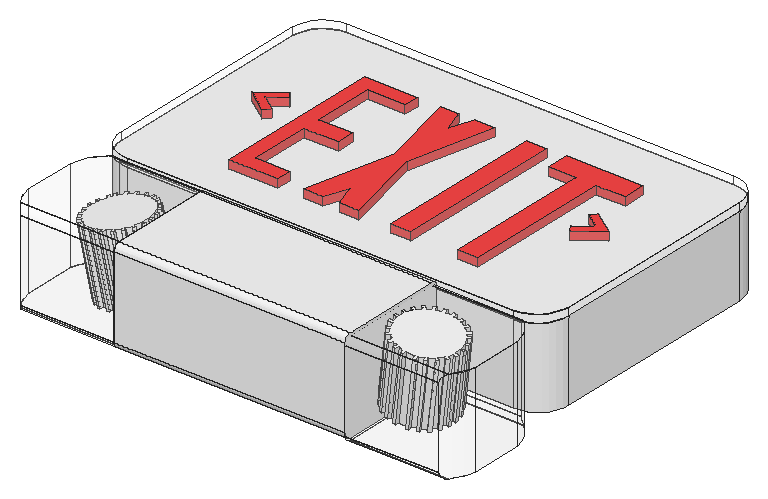
Revit family "DYNC_Wall", category Lighting Fixtures, host Face, Revit 2014
Parameters (values of type "DYNC-S-R")
  zz Length 1 [instance] = if(Single Face, 0.200", 0.250")  # 0.200"
  Watts = 3.72 W
  Wattage Comments = "3.72 W"
  Warranty = "Fixture: 5 Years Full; Battery: 2 Years Full, 8 Years Pro-Rata"  # constant formula
  Wall Plate Material = Hubbell - Black
  Voltage [instance] = if(Is 120VAC, 120 V, 277 V)  # 120 V
  URL = "https://www.hubbell.com/dual-lite/en"
  Type Comments = "Exit Light"  # constant formula
  Single Face = yes
  Product Page URL = "https://www.hubbell.com/dual-lite/en/Products/Lighting-Controls/Emergency-Exit-Lighting/Exit-Message-Signs/Dynamo-DYNC-Series/p/3015624"
  Product Documentation Link = "https://hubbellcdn.com/specsheet/DL_DYNC_SPEC.pdf"
  Model = "DYNC"  # constant formula
  Manufacturer = "DUAL-LITE"  # constant formula
  Load Classification = Lighting
  Lens = Hubbell - Red Glass
  Lamp = "LED Lamp"  # constant formula
  Is 277VAC [instance] = not(Is 120VAC)  # no
  Is 120VAC [instance] = yes
  Holder Material = Hubbell - Steel
  Glass = Hubbell - light Glass
  Finish = Hubbell - White
  Features = "NEMA 4X Rated\r\nUL Sanitation Certified\r\nFull Lumen output over 90 minutes of battery discharge\r\nHeavy Duty die-cast construction with polycarbonate shields\r\nLong-life Lithium Iron Phosphate battery\r\nRed or Green Letters in White or Black Finish\r\nWall, Ceiling or End Mount"  # constant formula
  Double Face = no
  Description = "DYNC Series is a highly versatile superior lumen output, industrial application combination Exit/Emergency lighting unit designed to provide a minimum of 90 minutes illumination when primary power is lost."  # constant formula
  Default Elevation = 48.000"
  Certification = "UL 924 Listed\r\nNFPA 101 Life Safety Code\r\nCEC T20 Compliant"  # constant formula
  Ceiling = Wall : W1
  Application = "NEMA 4 X, Wet, Industrial"  # constant formula
  Apparent Load = Watts  # 3.72 VA
Types (4): name | Lens | Double Face
  DYNC-S-R | Hubbell - Red Glass | no
  DYNC-S-G | Hubbell - Green Glass | no
  DYNC-D-G | Hubbell - Green Glass | yes
  DYNC-D-R | Hubbell - Red Glass | yes
Reference planes (in)
  plane 1 "Center (Front/Back)": y = 0
  plane 2: z = 0
  plane 3 "Center (Left/Right)": x = 0
  plane 4: x = -6.25
  plane 5: x = 6.25
  plane 6: x = -2.75
  plane 7: x = 2.75
  plane 8: z = 9.3
  plane 9: y = -1.25
  plane 10: y = 1.25
  plane 11: y = -2.2
  plane 12: y = 2.2
Forms (in)
  Extrusion 1, solid, material "Hubbell - Black" <- "Wall Plate Material"
    sketch origin (-0.33698, -0.33698, 0) x (1, 0, 0) y (0, 0, 1)
      loop
        line (2.20258, 0) -> (2.20258, 0.24288) -> (1.0795, 0.24288)
        arc (1.0795, 0.24288) -> (0.94157, 0.42301) -> (0.97906, 0.64676) r 0.28476
        line (0.97906, 0.64676) -> (-0.97906, 0.64676)
        arc (-0.97906, 0.64676) -> (-0.94157, 0.42301) -> (-1.0795, 0.24288) r 0.28476
        line (-1.0795, 0.24288) -> (-2.20258, 0.24288) -> (-2.20258, 0) -> (2.20258, 0)
    from -2.75 to 2.75
Dimensions and locks (in)
  plane 4 to plane 3 "Center (Left/Right)" = 6.250"
  equal spacing: plane 4, plane 3 "Center (Left/Right)", plane 5
  equal spacing: plane 6, plane 3 "Center (Left/Right)", plane 7
  plane 6 to plane 3 "Center (Left/Right)" = 2.750"
  plane 7 to plane 6 = 5.500"
  plane 5 to plane 4 = 12.500"
  aligned and locked: plane 2 to host face
  aligned and locked: level to host face
Automatic sketch dimensions
  host sketch curve to host sketch curve = 96.000"  (x2)
  Extrusion 1 sketch curve to level = 0.000"
  plane 6 to Extrusion 1 sketch curve = 0.21043"
  level to Extrusion 1 sketch curve = 0.49173"
  Extrusion 1 sketch curve to Extrusion 1 sketch curve = 0.98467"
  Extrusion 1 sketch curve to Extrusion 1 sketch curve = 0.13842"  (x2)
  Extrusion 1 sketch curve to Extrusion 1 sketch curve = 0.23886"
  plane 3 "Center (Left/Right)" to Extrusion 1 sketch curve = 0.64208"
  Extrusion 1 sketch curve to Extrusion 1 sketch curve = 0.10044"
  level to Extrusion 1 sketch curve = 0.24288"
  Extrusion 1 sketch curve to plane 7 = 0.8844"
  Extrusion 1 sketch curve to Extrusion 1 sketch curve = 0.24288"
Nested families (in)
  nested 1: "Wall" at (-0.3125, 0, 0.5625) x (-1, 0, 0) z (0, 0, 1), type <- "Ceiling", type "W1"
  nested 2: "Light Source" at (-4.86452, -5.18717, 3.416) x (-0.9925, 0.1219, 0) z (0, 0, 1), type "ies"
  nested 3: "Light Source" at (4.86452, -5.18717, 3.416) x (0.9925, 0.1219, 0) z (0, 0, 1), type "ies"
Connectors (in)
  electrical at (-0.33698, -0.33698, 0), driven by "Voltage", driven by "Apparent Load"
    settings: on Extrusion 1, index 1, voltage 120 V, apparent load 3.72 VA, apparent load phase1 0 VA, apparent load phase2 0 VA, apparent load phase3 0 VA, power factor 1, load classification "Other", number of poles 1, system type 30, power factor state 1, is connector primary yes, connector utility no, sub classification motor no, connector description "Lighting Connector"
Definition of nested family "Wall"
  Parameters (values of type "C1")
    Width = 3.100"
    Single Face = yes
    Lens = Hubbell - Red Glass
    Glass = Hubbell - light Glass
    Finish = Hubbell - White
    Double Face = no
  Reference planes (in)
    plane 1 "Center (Front/Back)": y = 0
    plane 2: z = 0
    plane 3 "Center (Left/Right)": x = 0
    plane 4: x = -7.375
    plane 5: x = 7.375
    plane 6: z = 9.055
    plane 7: y = -1.55
    plane 8: y = 1.55
    plane 9: z = 12.8
    plane 10: z = 13.6
  Forms (in)
    Extrusion 1, solid, material "Hubbell - White" <- "Finish"
      sketch origin (0, -6.83898, 1.52843) x (1, 0, 0) y (0, 1, 0)
        loop
          arc (-6.375, 9.3) -> (-7.08211, 9.00711) -> (-7.375, 8.3) r 1
          line (-7.375, 8.3) -> (-7.375, 1.25)
          arc (-7.375, 1.25) -> (-7.08211, 0.54289) -> (-6.375, 0.25) r 1
          line (-6.375, 0.25) -> (6.375, 0.25)
          arc (6.375, 0.25) -> (7.08211, 0.54289) -> (7.375, 1.25) r 1
          line (7.375, 1.25) -> (7.375, 8.3)
          arc (7.375, 8.3) -> (7.08211, 9.00711) -> (6.375, 9.3) r 1
          line (6.375, 9.3) -> (-6.375, 9.3)
      from -1.3125 to 1.3125
    Extrusion 2, solid, material "Hubbell - Red Glass" <- "Lens", visible <- "Single Face"
      sketch origin (0, -5.58898, 2.21593) x (1, 0, 0) y (0, 1, 0)
        loop
          line (-4.88814, 3.88778) -> (-5.7073, 3.3142) -> (-4.88814, 2.74063) -> (-4.74475, 2.94542) -> (-5.27143, 3.3142) -> (-4.74475, 3.68299) -> (-4.88814, 3.88778)
        loop
          line (5.26314, 3.88778) -> (5.11975, 3.68299) -> (5.64643, 3.3142) -> (5.11975, 2.94542) -> (5.26314, 2.74063) -> (6.0823, 3.3142) -> (5.26314, 3.88778)
        loop
          line (2.68416, 6.45678) -> (2.68416, 5.97564) -> (3.8216, 5.97564) -> (3.8216, 3.97225) -> (2.68416, 3.97225) -> (2.68416, 3.36683) -> (3.80274, 3.3823) -> (3.80274, 1.3823) -> (2.55274, 1.3823) -> (2.55274, 0.8823) -> (4.30274, 0.8823) -> (4.30274, 6.45678) -> (2.68416, 6.45678)
        loop
          line (1.83093, 6.45573) -> (1.20036, 6.45573) -> (0.92318, 5.69418) -> (0.646, 6.45573) -> (0.01543, 6.45573) -> (0.65867, 3.66954) -> (0.01543, 0.88335) -> (0.646, 0.88335) -> (0.92318, 1.64489) -> (1.20036, 0.88335) -> (1.78078, 0.88335) -> (1.16261, 3.56092) -> (1.83093, 6.45573)
        loop
          line (-1.71319, 6.47228) -> (-1.71319, 0.88335) -> (-1.04357, 0.88335) -> (-1.04357, 6.47228) -> (-1.71319, 6.47228)
        loop
          line (-2.38057, 0.88335) -> (-2.38057, 1.61488) -> (-3.25288, 1.61488) -> (-3.25288, 6.47228) -> (-3.9225, 6.47228) -> (-3.9225, 1.61488) -> (-4.89234, 1.61488) -> (-4.89234, 0.88335) -> (-2.38057, 0.88335)
      from 0.625 to 0.89107
    Extrusion 3, solid, material "Hubbell - light Glass" <- "Glass", visible <- "Single Face"
      sketch origin (0, -6.83898, 2.21593) x (1, 0, 0) y (0, 1, 0)
        loop
          line (-7.375, 8.305) -> (-7.375, 1.25)
          arc (-7.375, 1.25) -> (-7.08211, 0.54289) -> (-6.375, 0.25) r 1
          line (-6.375, 0.25) -> (6.375, 0.25)
          arc (6.375, 0.25) -> (7.08211, 0.54289) -> (7.375, 1.25) r 1
          line (7.375, 1.25) -> (7.375, 8.305)
          arc (7.375, 8.305) -> (7.08211, 9.01211) -> (6.375, 9.305) r 1
          line (6.375, 9.305) -> (-6.375, 9.305)
          arc (-6.375, 9.305) -> (-7.08211, 9.01211) -> (-7.375, 8.305) r 1
      from 0.625 to 0.89107
    Extrusion 4, solid, material "Hubbell - light Glass" <- "Glass", visible <- "Double Face"
      sketch origin (0, -6.83898, 0.84093) x (0, -1, 0) y (-1, 0, 0)
        loop
          line (-8.3, -7.375) -> (-1.25, -7.375)
          arc (-1.25, -7.375) -> (-0.54289, -7.08211) -> (-0.25, -6.375) r 1
          line (-0.25, -6.375) -> (-0.25, 6.375)
          arc (-0.25, 6.375) -> (-0.54289, 7.08211) -> (-1.25, 7.375) r 1
          line (-1.25, 7.375) -> (-8.3, 7.375)
          arc (-8.3, 7.375) -> (-9.00711, 7.08211) -> (-9.3, 6.375) r 1
          line (-9.3, 6.375) -> (-9.3, -6.375)
          arc (-9.3, -6.375) -> (-9.00711, -7.08211) -> (-8.3, -7.375) r 1
      from 0.625 to 0.84093
    Extrusion 5, solid, material "Hubbell - White" <- "Finish"
      sketch origin (0, -6.58898, 1.5535) x (0, 0, -1) y (0, 1, 0)
        loop
          arc (1.40408, 9.05) -> (1.50726, 9.09274) -> (1.55, 9.19592) r 0.14592
          line (1.55, 9.19592) -> (1.55, 12.58698)
          arc (1.55, 12.58698) -> (1.48761, 12.73761) -> (1.33698, 12.8) r 0.21302
          line (1.33698, 12.8) -> (-1.33575, 12.8)
          arc (-1.33575, 12.8) -> (-1.48725, 12.73725) -> (-1.55, 12.58575) r 0.21425
          line (-1.55, 12.58575) -> (-1.55, 9.2302)
          arc (-1.55, 9.2302) -> (-1.49722, 9.10278) -> (-1.3698, 9.05) r 0.1802
          line (-1.3698, 9.05) -> (1.40408, 9.05)
      from -3.80274 to 3.8216
    Extrusion 6, solid, material "Hubbell - light Glass" <- "Glass"
      sketch origin (-8.5, -6.58898, 1.45975) x (0, 0, -1) y (0, 1, 0)
        loop
          arc (1.40408, 9.05) -> (1.50726, 9.09274) -> (1.55, 9.19592) r 0.14592
          line (1.55, 9.19592) -> (1.55, 12.58698)
          arc (1.55, 12.58698) -> (1.48761, 12.73761) -> (1.33698, 12.8) r 0.21302
          line (1.33698, 12.8) -> (-1.33575, 12.8)
          arc (-1.33575, 12.8) -> (-1.48725, 12.73725) -> (-1.55, 12.58575) r 0.21425
          line (-1.55, 12.58575) -> (-1.55, 9.2302)
          arc (-1.55, 9.2302) -> (-1.49722, 9.10278) -> (-1.3698, 9.05) r 0.1802
          line (-1.3698, 9.05) -> (1.40408, 9.05)
      from 1.125 to 4.69726
    Extrusion 7, solid, material "Hubbell - light Glass" <- "Glass"
      sketch origin (8.5, -6.58898, 1.5535) x (0, 0, -1) y (0, -1, 0)
        loop
          line (1.40408, -9.05) -> (-1.3698, -9.05)
          arc (-1.3698, -9.05) -> (-1.49722, -9.10278) -> (-1.55, -9.2302) r 0.1802
          line (-1.55, -9.2302) -> (-1.55, -12.58575)
          arc (-1.55, -12.58575) -> (-1.48725, -12.73725) -> (-1.33575, -12.8) r 0.21425
          line (-1.33575, -12.8) -> (1.33698, -12.8)
          arc (1.33698, -12.8) -> (1.48761, -12.73761) -> (1.55, -12.58698) r 0.21302
          line (1.55, -12.58698) -> (1.55, -9.19592)
          arc (1.55, -9.19592) -> (1.50726, -9.09274) -> (1.40408, -9.05) r 0.14592
      from 1.125 to 4.69726
    Extrusion 8, void
      sketch origin (0.03125, -6.58898, 1.5535) x (1, 0, 0) y (0, 1, 0)
        loop
          line (-6.4079, 13.16468) -> (-7.87985, 13.16468) -> (-7.87985, 9.05) -> (-6.6482, 9.05)
          arc (-6.6482, 9.05) -> (-7.21595, 9.64124) -> (-7.4355, 10.43099) r 1.67637
          line (-7.4355, 10.43099) -> (-7.4355, 11.60825)
          arc (-7.4355, 11.60825) -> (-7.14621, 12.53469) -> (-6.4079, 13.16468) r 1.75073
      from -1.74651 to 1.7598
    Extrusion 9, void
      sketch origin (-0.03125, -6.58898, 1.5535) x (-1, 0, 0) y (0, -1, 0)
        loop
          arc (-6.4079, -13.16468) -> (-7.14621, -12.53469) -> (-7.4355, -11.60825) r 1.75073
          line (-7.4355, -11.60825) -> (-7.4355, -10.43099)
          arc (-7.4355, -10.43099) -> (-7.21595, -9.64124) -> (-6.6482, -9.05) r 1.67637
          line (-6.6482, -9.05) -> (-7.87985, -9.05) -> (-7.87985, -13.16468) -> (-6.4079, -13.16468)
      from -1.74651 to 1.7598
    Extrusion 10, solid, material "Hubbell - White" <- "Finish"
      sketch origin (1.24099, -6.1957, 3.49858) x (-0.984206, -0.060547, -0.166352) y (0.045818, -0.994797, 0.090997)
        loop
          line (5.62448, -11.89005) -> (5.62448, -12.01258) -> (5.71473, -12.01258) -> (5.71473, -11.89413)
          arc (5.71473, -11.89413) -> (5.84526, -11.88558) -> (5.97355, -11.86006) r 1
          line (5.97355, -11.86006) -> (6.00421, -11.97447) -> (6.09138, -11.95111) -> (6.05967, -11.83276)
          arc (6.05967, -11.83276) -> (6.13876, -11.79978) -> (6.21473, -11.76016) r 1
          line (6.21473, -11.76016) -> (6.27395, -11.86274) -> (6.35212, -11.81761) -> (6.29085, -11.7115)
          arc (6.29085, -11.7115) -> (6.35871, -11.65918) -> (6.42184, -11.60124) r 1
          line (6.42184, -11.60124) -> (6.50559, -11.68499) -> (6.56941, -11.62117) -> (6.48277, -11.53453)
          arc (6.48277, -11.53453) -> (6.53477, -11.46643) -> (6.58076, -11.39413) r 1
          line (6.58076, -11.39413) -> (6.68333, -11.45336) -> (6.72846, -11.37519) -> (6.62235, -11.31393)
          arc (6.62235, -11.31393) -> (6.65495, -11.23469) -> (6.68066, -11.15295) r 1
          line (6.68066, -11.15295) -> (6.79507, -11.18361) -> (6.81843, -11.09643) -> (6.70007, -11.06472)
          arc (6.70007, -11.06472) -> (6.71106, -10.97974) -> (6.71473, -10.89413) r 1
          line (6.71473, -10.89413) -> (6.83318, -10.89413) -> (6.83318, -10.80388) -> (6.71065, -10.80388)
          arc (6.71065, -10.80388) -> (6.69927, -10.71895) -> (6.68066, -10.63531) r 1
          line (6.68066, -10.63531) -> (6.79507, -10.60466) -> (6.77171, -10.51748) -> (6.65335, -10.54919)
          arc (6.65335, -10.54919) -> (6.62038, -10.4701) -> (6.58076, -10.39413) r 1
          line (6.58076, -10.39413) -> (6.68333, -10.33491) -> (6.63821, -10.25675) -> (6.53209, -10.31801)
          arc (6.53209, -10.31801) -> (6.50808, -10.28537) -> (6.48277, -10.25373) r 1
          line (6.48277, -10.25373) -> (6.56941, -10.16709) -> (6.50559, -10.10327) -> (6.42184, -10.18702)
          arc (6.42184, -10.18702) -> (6.35871, -10.12909) -> (6.29085, -10.07677) r 1
          line (6.29085, -10.07677) -> (6.35212, -9.97065) -> (6.27395, -9.92553) -> (6.21473, -10.02811)
          arc (6.21473, -10.02811) -> (6.13876, -9.98848) -> (6.05967, -9.95551) r 1
          line (6.05967, -9.95551) -> (6.09138, -9.83715) -> (6.00421, -9.81379) -> (5.97355, -9.92821)
          arc (5.97355, -9.92821) -> (5.88991, -9.9096) -> (5.80498, -9.89821) r 1
          line (5.80498, -9.89821) -> (5.80498, -9.77568) -> (5.71473, -9.77568) -> (5.71473, -9.89413)
          arc (5.71473, -9.89413) -> (5.62912, -9.8978) -> (5.54415, -9.90879) r 1
          line (5.54415, -9.90879) -> (5.51243, -9.79043) -> (5.42525, -9.81379) -> (5.45591, -9.92821)
          arc (5.45591, -9.92821) -> (5.37417, -9.95391) -> (5.29493, -9.98651) r 1
          line (5.29493, -9.98651) -> (5.23367, -9.8804) -> (5.15551, -9.92553) -> (5.21473, -10.02811)
          arc (5.21473, -10.02811) -> (5.14243, -10.07409) -> (5.07433, -10.12609) r 1
          line (5.07433, -10.12609) -> (4.98769, -10.03945) -> (4.92387, -10.10327) -> (5.00762, -10.18702)
          arc (5.00762, -10.18702) -> (4.94969, -10.25015) -> (4.89737, -10.31801) r 1
          line (4.89737, -10.31801) -> (4.79125, -10.25675) -> (4.74613, -10.33491) -> (4.8487, -10.39413)
          arc (4.8487, -10.39413) -> (4.80908, -10.4701) -> (4.77611, -10.54919) r 1
          line (4.77611, -10.54919) -> (4.65775, -10.51748) -> (4.63439, -10.60466) -> (4.7488, -10.63531)
          arc (4.7488, -10.63531) -> (4.73019, -10.71895) -> (4.71881, -10.80388) r 1
          line (4.71881, -10.80388) -> (4.59628, -10.80388) -> (4.59628, -10.89413) -> (4.71473, -10.89413)
          arc (4.71473, -10.89413) -> (4.7184, -10.97974) -> (4.72939, -11.06472) r 1
          line (4.72939, -11.06472) -> (4.61103, -11.09643) -> (4.63439, -11.18361) -> (4.7488, -11.15295)
          arc (4.7488, -11.15295) -> (4.77451, -11.23469) -> (4.80711, -11.31393) r 1
          line (4.80711, -11.31393) -> (4.701, -11.37519) -> (4.74613, -11.45336) -> (4.8487, -11.39413)
          arc (4.8487, -11.39413) -> (4.89469, -11.46643) -> (4.94669, -11.53453) r 1
          line (4.94669, -11.53453) -> (4.86005, -11.62117) -> (4.92387, -11.68499) -> (5.00762, -11.60124)
          arc (5.00762, -11.60124) -> (5.07075, -11.65918) -> (5.13861, -11.7115) r 1
          line (5.13861, -11.7115) -> (5.07734, -11.81761) -> (5.15551, -11.86274) -> (5.21473, -11.76016)
          arc (5.21473, -11.76016) -> (5.2907, -11.79978) -> (5.36979, -11.83276) r 1
          line (5.36979, -11.83276) -> (5.33808, -11.95111) -> (5.42525, -11.97447) -> (5.45591, -11.86006)
          arc (5.45591, -11.86006) -> (5.53955, -11.87867) -> (5.62448, -11.89005) r 1
      from -1.05758 to 1.28743
    Extrusion 11, solid, material "Hubbell - White" <- "Finish"
      sketch origin (-1.24099, -6.22603, 3.31504) x (0.984206, -0.057635, -0.167383) y (0.045818, 0.996233, -0.073622)
        loop
          arc (5.62448, 11.89005) -> (5.53955, 11.87867) -> (5.45591, 11.86006) r 1
          line (5.45591, 11.86006) -> (5.42525, 11.97447) -> (5.33808, 11.95111) -> (5.36979, 11.83276)
          arc (5.36979, 11.83276) -> (5.2907, 11.79978) -> (5.21473, 11.76016) r 1
          line (5.21473, 11.76016) -> (5.15551, 11.86274) -> (5.07734, 11.81761) -> (5.13861, 11.7115)
          arc (5.13861, 11.7115) -> (5.07075, 11.65918) -> (5.00762, 11.60124) r 1
          line (5.00762, 11.60124) -> (4.92387, 11.68499) -> (4.86005, 11.62117) -> (4.94669, 11.53453)
          arc (4.94669, 11.53453) -> (4.89469, 11.46643) -> (4.8487, 11.39413) r 1
          line (4.8487, 11.39413) -> (4.74613, 11.45336) -> (4.701, 11.37519) -> (4.80711, 11.31393)
          arc (4.80711, 11.31393) -> (4.77451, 11.23469) -> (4.7488, 11.15295) r 1
          line (4.7488, 11.15295) -> (4.63439, 11.18361) -> (4.61103, 11.09643) -> (4.72939, 11.06472)
          arc (4.72939, 11.06472) -> (4.7184, 10.97974) -> (4.71473, 10.89413) r 1
          line (4.71473, 10.89413) -> (4.59628, 10.89413) -> (4.59628, 10.80388) -> (4.71881, 10.80388)
          arc (4.71881, 10.80388) -> (4.73019, 10.71895) -> (4.7488, 10.63531) r 1
          line (4.7488, 10.63531) -> (4.63439, 10.60466) -> (4.65775, 10.51748) -> (4.77611, 10.54919)
          arc (4.77611, 10.54919) -> (4.80908, 10.4701) -> (4.8487, 10.39413) r 1
          line (4.8487, 10.39413) -> (4.74613, 10.33491) -> (4.79125, 10.25675) -> (4.89737, 10.31801)
          arc (4.89737, 10.31801) -> (4.94969, 10.25015) -> (5.00762, 10.18702) r 1
          line (5.00762, 10.18702) -> (4.92387, 10.10327) -> (4.98769, 10.03945) -> (5.07433, 10.12609)
          arc (5.07433, 10.12609) -> (5.14243, 10.07409) -> (5.21473, 10.02811) r 1
          line (5.21473, 10.02811) -> (5.15551, 9.92553) -> (5.23367, 9.8804) -> (5.29493, 9.98651)
          arc (5.29493, 9.98651) -> (5.37417, 9.95391) -> (5.45591, 9.92821) r 1
          line (5.45591, 9.92821) -> (5.42525, 9.81379) -> (5.51243, 9.79043) -> (5.54415, 9.90879)
          arc (5.54415, 9.90879) -> (5.62912, 9.8978) -> (5.71473, 9.89413) r 1
          line (5.71473, 9.89413) -> (5.71473, 9.77568) -> (5.80498, 9.77568) -> (5.80498, 9.89821)
          arc (5.80498, 9.89821) -> (5.88991, 9.9096) -> (5.97355, 9.92821) r 1
          line (5.97355, 9.92821) -> (6.00421, 9.81379) -> (6.09138, 9.83715) -> (6.05967, 9.95551)
          arc (6.05967, 9.95551) -> (6.13876, 9.98848) -> (6.21473, 10.02811) r 1
          line (6.21473, 10.02811) -> (6.27395, 9.92553) -> (6.35212, 9.97065) -> (6.29085, 10.07677)
          arc (6.29085, 10.07677) -> (6.35871, 10.12909) -> (6.42184, 10.18702) r 1
          line (6.42184, 10.18702) -> (6.50559, 10.10327) -> (6.56941, 10.16709) -> (6.48277, 10.25373)
          arc (6.48277, 10.25373) -> (6.50808, 10.28537) -> (6.53209, 10.31801) r 1
          line (6.53209, 10.31801) -> (6.63821, 10.25675) -> (6.68333, 10.33491) -> (6.58076, 10.39413)
          arc (6.58076, 10.39413) -> (6.62038, 10.4701) -> (6.65335, 10.54919) r 1
          line (6.65335, 10.54919) -> (6.77171, 10.51748) -> (6.79507, 10.60466) -> (6.68066, 10.63531)
          arc (6.68066, 10.63531) -> (6.69927, 10.71895) -> (6.71065, 10.80388) r 1
          line (6.71065, 10.80388) -> (6.83318, 10.80388) -> (6.83318, 10.89413) -> (6.71473, 10.89413)
          arc (6.71473, 10.89413) -> (6.71106, 10.97974) -> (6.70007, 11.06472) r 1
          line (6.70007, 11.06472) -> (6.81843, 11.09643) -> (6.79507, 11.18361) -> (6.68066, 11.15295)
          arc (6.68066, 11.15295) -> (6.65495, 11.23469) -> (6.62235, 11.31393) r 1
          line (6.62235, 11.31393) -> (6.72846, 11.37519) -> (6.68333, 11.45336) -> (6.58076, 11.39413)
          arc (6.58076, 11.39413) -> (6.53477, 11.46643) -> (6.48277, 11.53453) r 1
          line (6.48277, 11.53453) -> (6.56941, 11.62117) -> (6.50559, 11.68499) -> (6.42184, 11.60124)
          arc (6.42184, 11.60124) -> (6.35871, 11.65918) -> (6.29085, 11.7115) r 1
          line (6.29085, 11.7115) -> (6.35212, 11.81761) -> (6.27395, 11.86274) -> (6.21473, 11.76016)
          arc (6.21473, 11.76016) -> (6.13876, 11.79978) -> (6.05967, 11.83276) r 1
          line (6.05967, 11.83276) -> (6.09138, 11.95111) -> (6.00421, 11.97447) -> (5.97355, 11.86006)
          arc (5.97355, 11.86006) -> (5.84526, 11.88558) -> (5.71473, 11.89413) r 1
          line (5.71473, 11.89413) -> (5.71473, 12.01258) -> (5.62448, 12.01258) -> (5.62448, 11.89005)
      from -1.05758 to 1.28743
  Cuts and joins
    Extrusion 8 cuts Extrusion 1
    Extrusion 8 cuts Extrusion 3
    Extrusion 8, Extrusion 9 cuts Extrusion 6
    Extrusion 9 cuts Extrusion 7
  Dimensions and locks (in)
    plane 6 to level = 9.055"
    plane 5 to plane 4 = 14.750"
    equal spacing: plane 5, plane 3 "Center (Left/Right)", plane 4
    "Width": plane 8 to plane 7
    equal spacing: plane 8, plane 1 "Center (Front/Back)", plane 7
    aligned and locked: plane 2 to level
  Automatic sketch dimensions
    Extrusion 1 sketch curve to plane 4 = 0.000"
    Extrusion 1 sketch curve to plane 5 = 0.000"
    plane 4 to Extrusion 1 sketch curve = 1.000"  (x2)
    plane 8 to Extrusion 1 sketch curve = 0.08898"
    Extrusion 1 sketch curve to plane 5 = 1.000"  (x2)
    plane 7 to Extrusion 1 sketch curve = 4.03898"
    plane 7 to Extrusion 2 sketch curve = 0.72478"  (x2)
    plane 4 to Extrusion 2 sketch curve = 1.6677"
    Extrusion 2 sketch curve to Extrusion 2 sketch curve = 0.43586"
    Extrusion 2 sketch curve to Extrusion 2 sketch curve = 0.37909"
    Extrusion 2 sketch curve to Extrusion 2 sketch curve = 0.38329"  (x2)
    plane 7 to Extrusion 2 sketch curve = 0.1512"  (x2)
    plane 7 to Extrusion 2 sketch curve = 1.09357"  (x2)
    plane 8 to Extrusion 2 sketch curve = 0.6667"  (x2)
    Extrusion 2 sketch curve to Extrusion 2 sketch curve = 0.96565"
    Extrusion 2 sketch curve to Extrusion 2 sketch curve = 0.66962"  (x2)
    Extrusion 2 sketch curve to Extrusion 2 sketch curve = 0.87231"
    Extrusion 2 sketch curve to Extrusion 2 sketch curve = 0.66738"
    plane 3 "Center (Left/Right)" to Extrusion 2 sketch curve = 0.01543"  (x2)
    Extrusion 2 sketch curve to Extrusion 2 sketch curve = 0.63057"  (x3)
    plane 3 "Center (Left/Right)" to Extrusion 2 sketch curve = 0.65867"
    Extrusion 2 sketch curve to Extrusion 2 sketch curve = 0.27718"  (x2)
    Extrusion 2 sketch curve to plane 1 "Center (Front/Back)" = 0.1052"
    plane 7 to Extrusion 2 sketch curve = 0.47806"
    Extrusion 2 sketch curve to Extrusion 2 sketch curve = 0.50394"
    Extrusion 2 sketch curve to Extrusion 2 sketch curve = 0.55436"  (x2)
    Extrusion 2 sketch curve to Extrusion 2 sketch curve = 0.58042"
    Extrusion 2 sketch curve to Extrusion 2 sketch curve = 0.77196"
    Extrusion 2 sketch curve to plane 1 "Center (Front/Back)" = 0.38666"
    Extrusion 2 sketch curve to Extrusion 2 sketch curve = 0.85323"
    plane 7 to Extrusion 2 sketch curve = 0.67215"
    Extrusion 2 sketch curve to Extrusion 2 sketch curve = 1.52154"
    Extrusion 2 sketch curve to Extrusion 2 sketch curve = 1.11859"
    plane 7 to Extrusion 2 sketch curve = 0.06673"
    Extrusion 2 sketch curve to Extrusion 2 sketch curve = 0.01886"
    Extrusion 2 sketch curve to Extrusion 2 sketch curve = 0.48114"  (x2)
    Extrusion 2 sketch curve to Extrusion 2 sketch curve = 1.31701"
    plane 7 to Extrusion 2 sketch curve = 0.35599"
    Extrusion 2 sketch curve to Extrusion 2 sketch curve = 0.000"  (x3)
    Extrusion 2 sketch curve to Extrusion 2 sketch curve = 0.14339"  (x2)
    plane 7 to Extrusion 2 sketch curve = 1.29836"
    Extrusion 2 sketch curve to Extrusion 2 sketch curve = 1.91603"
    Extrusion 2 sketch curve to Extrusion 2 sketch curve = 1.12575"
    Extrusion 2 sketch curve to Extrusion 2 sketch curve = 0.2626"
    Extrusion 2 sketch curve to Extrusion 2 sketch curve = 0.73153"  (x2)
    Extrusion 2 sketch curve to Extrusion 2 sketch curve = 0.49894"
    Extrusion 2 sketch curve to Extrusion 2 sketch curve = 0.500"
    Extrusion 2 sketch curve to Extrusion 2 sketch curve = 0.58995"
    plane 7 to Extrusion 2 sketch curve = 0.36944"
    plane 8 to Extrusion 2 sketch curve = 0.68326"  (x2)
    Extrusion 3 sketch curve to plane 4 = 0.000"
    Extrusion 3 sketch curve to plane 5 = 0.000"
    plane 4 to Extrusion 3 sketch curve = 1.000"
    plane 8 to Extrusion 3 sketch curve = 0.08398"
    Extrusion 3 sketch curve to Extrusion 3 sketch curve = 1.000"
    Extrusion 3 sketch curve to plane 5 = 1.000"  (x2)
    plane 7 to Extrusion 3 sketch curve = 4.03898"
    Extrusion 4 sketch curve to plane 5 = 0.000"
    Extrusion 4 sketch curve to plane 4 = 0.000"
    Extrusion 4 sketch curve to plane 8 = 0.91102"
    plane 8 to Extrusion 4 sketch curve = 0.08898"  (x2)
    plane 4 to Extrusion 4 sketch curve = 1.000"
    plane 7 to Extrusion 4 sketch curve = 4.03898"
    Extrusion 4 sketch curve to Extrusion 4 sketch curve = 1.000"
    Extrusion 5 sketch curve to plane 6 = 5.9515"
    Extrusion 5 sketch curve to Extrusion 5 sketch curve = 0.1802"
    Extrusion 5 sketch curve to Extrusion 5 sketch curve = 0.21425"
    Extrusion 5 sketch curve to Extrusion 5 sketch curve = 2.67274"
    Extrusion 5 sketch curve to plane 8 = 1.05694"
    Extrusion 5 sketch curve to Extrusion 5 sketch curve = 2.77389"
    Extrusion 5 sketch curve to Extrusion 5 sketch curve = 0.21302"
    Extrusion 5 sketch curve to Extrusion 5 sketch curve = 3.35556"
    Extrusion 6 sketch curve to plane 6 = 6.04525"
    Extrusion 6 sketch curve to Extrusion 6 sketch curve = 0.1802"
    Extrusion 6 sketch curve to Extrusion 6 sketch curve = 0.21425"
    Extrusion 6 sketch curve to Extrusion 6 sketch curve = 2.67274"
    Extrusion 6 sketch curve to plane 8 = 1.05694"
    Extrusion 6 sketch curve to Extrusion 6 sketch curve = 2.77389"
    Extrusion 6 sketch curve to Extrusion 6 sketch curve = 0.21302"
    Extrusion 6 sketch curve to Extrusion 6 sketch curve = 3.35556"
    Extrusion 7 sketch curve to plane 6 = 5.9515"
    Extrusion 7 sketch curve to Extrusion 7 sketch curve = 0.1802"
    Extrusion 7 sketch curve to Extrusion 7 sketch curve = 0.21425"
    Extrusion 7 sketch curve to Extrusion 7 sketch curve = 2.67274"
    Extrusion 7 sketch curve to plane 8 = 1.05694"
    Extrusion 7 sketch curve to Extrusion 7 sketch curve = 2.77389"
    Extrusion 7 sketch curve to Extrusion 7 sketch curve = 0.21302"
    Extrusion 7 sketch curve to Extrusion 7 sketch curve = 3.35556"
    Extrusion 8 sketch curve to plane 4 = 0.4736"
    Extrusion 8 sketch curve to plane 4 = 0.02925"
    plane 4 to Extrusion 8 sketch curve = 0.75805"
    plane 4 to Extrusion 8 sketch curve = 0.99835"
    plane 4 to Extrusion 8 sketch curve = 1.64663"
    Extrusion 8 sketch curve to Extrusion 8 sketch curve = 0.07444"
    Extrusion 8 sketch curve to plane 8 = 0.91102"
    Extrusion 8 sketch curve to Extrusion 8 sketch curve = 1.38099"
    Extrusion 8 sketch curve to Extrusion 8 sketch curve = 1.0986"
    Extrusion 8 sketch curve to Extrusion 8 sketch curve = 1.17726"
    plane 5 to Extrusion 9 sketch curve = 0.4736"
    plane 5 to Extrusion 9 sketch curve = 0.02925"
    Extrusion 9 sketch curve to plane 5 = 0.75805"
    Extrusion 9 sketch curve to plane 5 = 0.99835"
    Extrusion 9 sketch curve to plane 5 = 1.64663"
    Extrusion 9 sketch curve to Extrusion 9 sketch curve = 0.07444"
    Extrusion 9 sketch curve to plane 8 = 5.0257"
    Extrusion 9 sketch curve to Extrusion 9 sketch curve = 1.55643"
    Extrusion 9 sketch curve to Extrusion 9 sketch curve = 1.0986"
    Extrusion 9 sketch curve to Extrusion 9 sketch curve = 1.17726"
    Extrusion 10 sketch curve to Extrusion 10 sketch curve = 0.000"  (x552)
    Extrusion 10 sketch curve to Extrusion 10 sketch curve = 0.01475"
    Extrusion 10 sketch curve to Extrusion 10 sketch curve = 0.03811"  (x3)
    Extrusion 10 sketch curve to Extrusion 10 sketch curve = 0.02336"  (x6)
    Extrusion 10 sketch curve to Extrusion 10 sketch curve = 0.06661"
    Extrusion 10 sketch curve to Extrusion 10 sketch curve = 0.11845"  (x2)
    Extrusion 10 sketch curve to Extrusion 10 sketch curve = 0.00408"  (x2)
    Extrusion 10 sketch curve to Extrusion 10 sketch curve = 0.11835"  (x2)
    Extrusion 10 sketch curve to Extrusion 10 sketch curve = 0.04513"  (x4)
    Extrusion 10 sketch curve to Extrusion 10 sketch curve = 0.08837"
    Extrusion 10 sketch curve to Extrusion 10 sketch curve = 0.11441"  (x2)
    Extrusion 10 sketch curve to Extrusion 10 sketch curve = 0.01942"  (x3)
    Extrusion 10 sketch curve to Extrusion 10 sketch curve = 0.0273"  (x3)
    Extrusion 10 sketch curve to Extrusion 10 sketch curve = 0.10611"
    Extrusion 10 sketch curve to Extrusion 10 sketch curve = 0.04159"  (x3)
    Extrusion 10 sketch curve to Extrusion 10 sketch curve = 0.10258"  (x4)
    Extrusion 10 sketch curve to Extrusion 10 sketch curve = 0.11392"
    Extrusion 10 sketch curve to Extrusion 10 sketch curve = 0.04866"  (x3)
    Extrusion 10 sketch curve to Extrusion 10 sketch curve = 0.13262"
    Extrusion 10 sketch curve to Extrusion 10 sketch curve = 0.06382"  (x4)
    Extrusion 10 sketch curve to Extrusion 10 sketch curve = 0.08664"
    Extrusion 10 sketch curve to Extrusion 10 sketch curve = 0.06093"  (x4)
    Extrusion 10 sketch curve to Extrusion 10 sketch curve = 0.08376"  (x5)
    Extrusion 10 sketch curve to Extrusion 10 sketch curve = 0.0667"  (x2)
    Extrusion 10 sketch curve to Extrusion 10 sketch curve = 0.15348"
    Extrusion 10 sketch curve to Extrusion 10 sketch curve = 0.06126"
    Extrusion 10 sketch curve to Extrusion 10 sketch curve = 0.16782"
    Extrusion 10 sketch curve to Extrusion 10 sketch curve = 0.07816"  (x4)
    Extrusion 10 sketch curve to Extrusion 10 sketch curve = 0.07612"  (x3)
    Extrusion 10 sketch curve to Extrusion 10 sketch curve = 0.05922"  (x7)
    Extrusion 10 sketch curve to Extrusion 10 sketch curve = 0.0802"
    Extrusion 10 sketch curve to Extrusion 10 sketch curve = 0.18257"
    Extrusion 10 sketch curve to Extrusion 10 sketch curve = 0.03171"
    Extrusion 10 sketch curve to Extrusion 10 sketch curve = 0.19159"
    Extrusion 10 sketch curve to Extrusion 10 sketch curve = 0.08718"  (x4)
    Extrusion 10 sketch curve to Extrusion 10 sketch curve = 0.08612"  (x3)
    Extrusion 10 sketch curve to Extrusion 10 sketch curve = 0.03066"  (x5)
    Extrusion 10 sketch curve to Extrusion 10 sketch curve = 0.08823"
    Extrusion 10 sketch curve to Extrusion 10 sketch curve = 0.16857"  (x2)
    Extrusion 10 sketch curve to Extrusion 10 sketch curve = 0.500"
    Extrusion 10 sketch curve to Extrusion 10 sketch curve = 0.09025"  (x3)
    Extrusion 10 sketch curve to Extrusion 10 sketch curve = 0.25882"
    Extrusion 10 sketch curve to Extrusion 10 sketch curve = 0.15506"  (x2)
    Extrusion 10 sketch curve to Extrusion 10 sketch curve = 0.13099"  (x2)
    Extrusion 10 sketch curve to Extrusion 10 sketch curve = 0.04932"
    Extrusion 10 sketch curve to Extrusion 10 sketch curve = 0.09799"
    Extrusion 10 sketch curve to Extrusion 10 sketch curve = 0.0688"
    Extrusion 10 sketch curve to Extrusion 10 sketch curve = 0.0726"
    Extrusion 10 sketch curve to Extrusion 10 sketch curve = 0.05831"
    Extrusion 10 sketch curve to Extrusion 10 sketch curve = 0.02999"
    Extrusion 10 sketch curve to Extrusion 10 sketch curve = 0.12253"  (x2)
    Extrusion 11 sketch curve to Extrusion 11 sketch curve = 0.000"  (x552)
    Extrusion 11 sketch curve to Extrusion 11 sketch curve = 0.01475"  (x2)
    Extrusion 11 sketch curve to Extrusion 11 sketch curve = 0.03811"  (x2)
    Extrusion 11 sketch curve to Extrusion 11 sketch curve = 0.02336"  (x6)
    Extrusion 11 sketch curve to Extrusion 11 sketch curve = 0.06661"  (x2)
    Extrusion 11 sketch curve to Extrusion 11 sketch curve = 0.11845"  (x2)
    Extrusion 11 sketch curve to Extrusion 11 sketch curve = 0.00408"  (x2)
    Extrusion 11 sketch curve to Extrusion 11 sketch curve = 0.11835"  (x2)
    Extrusion 11 sketch curve to Extrusion 11 sketch curve = 0.04513"  (x4)
    Extrusion 11 sketch curve to Extrusion 11 sketch curve = 0.08837"
    Extrusion 11 sketch curve to Extrusion 11 sketch curve = 0.11441"  (x2)
    Extrusion 11 sketch curve to Extrusion 11 sketch curve = 0.01942"  (x2)
    Extrusion 11 sketch curve to Extrusion 11 sketch curve = 0.0273"  (x4)
    Extrusion 11 sketch curve to Extrusion 11 sketch curve = 0.10611"
    Extrusion 11 sketch curve to Extrusion 11 sketch curve = 0.04159"  (x2)
    Extrusion 11 sketch curve to Extrusion 11 sketch curve = 0.10258"  (x3)
    Extrusion 11 sketch curve to Extrusion 11 sketch curve = 0.11392"
    Extrusion 11 sketch curve to Extrusion 11 sketch curve = 0.04866"  (x4)
    Extrusion 11 sketch curve to Extrusion 11 sketch curve = 0.13262"
    Extrusion 11 sketch curve to Extrusion 11 sketch curve = 0.06382"  (x4)
    Extrusion 11 sketch curve to Extrusion 11 sketch curve = 0.08664"  (x2)
    Extrusion 11 sketch curve to Extrusion 11 sketch curve = 0.06093"  (x3)
    Extrusion 11 sketch curve to Extrusion 11 sketch curve = 0.08376"  (x4)
    Extrusion 11 sketch curve to Extrusion 11 sketch curve = 0.0667"  (x3)
    Extrusion 11 sketch curve to Extrusion 11 sketch curve = 0.15348"
    Extrusion 11 sketch curve to Extrusion 11 sketch curve = 0.06126"  (x4)
    Extrusion 11 sketch curve to Extrusion 11 sketch curve = 0.16782"
    Extrusion 11 sketch curve to Extrusion 11 sketch curve = 0.07816"  (x4)
    Extrusion 11 sketch curve to Extrusion 11 sketch curve = 0.07612"  (x3)
    Extrusion 11 sketch curve to Extrusion 11 sketch curve = 0.05922"  (x3)
    Extrusion 11 sketch curve to Extrusion 11 sketch curve = 0.0802"
    Extrusion 11 sketch curve to Extrusion 11 sketch curve = 0.18257"
    Extrusion 11 sketch curve to Extrusion 11 sketch curve = 0.03171"  (x5)
    Extrusion 11 sketch curve to Extrusion 11 sketch curve = 0.19159"
    Extrusion 11 sketch curve to Extrusion 11 sketch curve = 0.08718"  (x4)
    Extrusion 11 sketch curve to Extrusion 11 sketch curve = 0.08612"  (x3)
    Extrusion 11 sketch curve to Extrusion 11 sketch curve = 0.03066"  (x3)
    Extrusion 11 sketch curve to Extrusion 11 sketch curve = 0.08823"
    Extrusion 11 sketch curve to Extrusion 11 sketch curve = 0.16857"  (x2)
    Extrusion 11 sketch curve to Extrusion 11 sketch curve = 0.34494"
    Extrusion 11 sketch curve to Extrusion 11 sketch curve = 0.09025"
    Extrusion 11 sketch curve to Extrusion 11 sketch curve = 0.25882"
    Extrusion 11 sketch curve to Extrusion 11 sketch curve = 0.15506"  (x2)
    Extrusion 11 sketch curve to Extrusion 11 sketch curve = 0.13099"  (x2)
    Extrusion 11 sketch curve to Extrusion 11 sketch curve = 0.04932"
    Extrusion 11 sketch curve to Extrusion 11 sketch curve = 0.09799"
    Extrusion 11 sketch curve to Extrusion 11 sketch curve = 0.0688"
    Extrusion 11 sketch curve to Extrusion 11 sketch curve = 0.0726"
    Extrusion 11 sketch curve to Extrusion 11 sketch curve = 0.05831"
    Extrusion 11 sketch curve to Extrusion 11 sketch curve = 0.02999"
    Extrusion 11 sketch curve to Extrusion 11 sketch curve = 0.12253"  (x2)
    Extrusion 11 sketch curve to Extrusion 11 sketch curve = 0.08966"
Definition of nested family "Light Source"
  Parameters (values of type "ies")
    Wattage = 9.2903 W
    built-in parameter 1150110 = 1 (stored number, unit not read)
    built-in parameter 1114217 = 1 (stored number, unit not read)
    Tilt Angle = 60.00°
    built-in parameter 1150109 = 1 (stored number, unit not read)
    built-in parameter 1150134 = (empty or 0)
    built-in parameter 1150113 = 1 (stored number, unit not read)
    Photometric Web File = "DYNC03.ies"
    Lumens = 1380 lm
    built-in parameter 1150115 = 1 (stored number, unit not read)
    built-in parameter 1150105 = 109.82 (stored number, unit not read)
    built-in parameter 1150137 = (empty or 0)
    built-in parameter 1150139 = (empty or 0)
    built-in parameter 1150112 = 1 (stored number, unit not read)
    built-in parameter 1150114 = 1 (stored number, unit not read)
    built-in parameter 1150132 = 2
    built-in parameter 1150102 = (empty or 0)
    built-in parameter 1150138 = (empty or 0)
    built-in parameter 1150107 = 3000 (stored number, unit not read)
    built-in parameter 1150106 = 1.0982 (stored number, unit not read)
    built-in parameter 1150104 = 13.8 (stored number, unit not read)
    Dimming Lamp Color Temperature Shift = (empty or 0)
    Color Filter = 16777215
    built-in parameter 1114218 = 1 (stored number, unit not read)
    built-in parameter 1150133 = 10 (stored number, unit not read)
  Reference planes (in)
    plane 1 "Light Source Axis (F/B)": y = 0
    plane 2: z = 0
    plane 3 "Light Source Axis (L/R)": x = 0
    plane 4 "Light Source Elevation": z = 51.47244
  Dimensions and locks (in)
    aligned and locked: plane 1 "Light Source Axis (F/B)" to imposter light
    aligned and locked: level to plane 2
